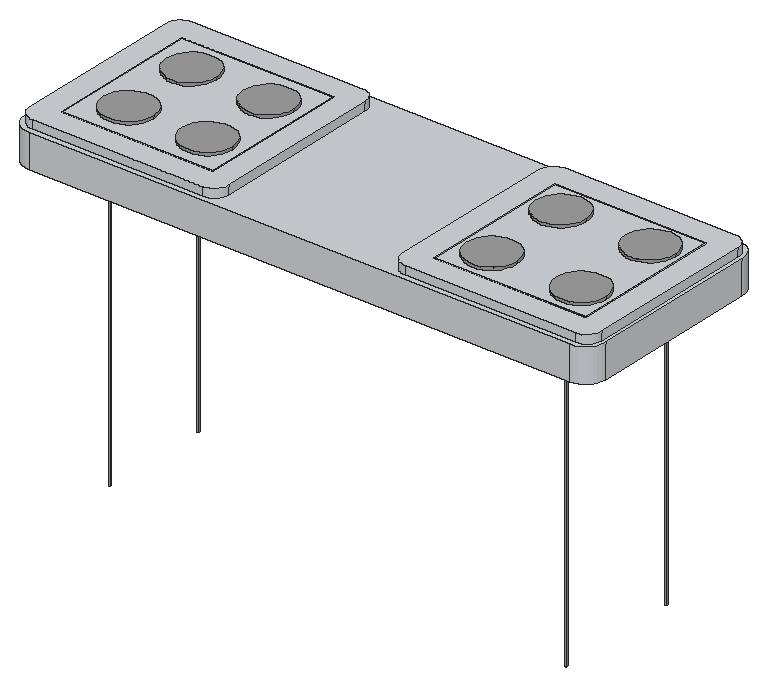
Revit family "Lighting-Industriale-GEWISS-SMART[4]HE_APPARECCHI-LED_2M", category Apparecchi per illuminazione, Revit 2019
Family settings
  Quota connettore circolare = Usa diametro
  Tipo di parte = Normale
  Numero OmniClass = 23.80.70.00
  Titolo OmniClass = Lighting
  Basato su piano di lavoro = Sì
  Sempre verticale = No
  Taglio con vuoti quando caricato = No
  Sorgente d'illuminazione = No
  Condiviso = No
  Punto di calcolo locali = No
Parameters (values of type "GWS4222AQ857 - SMART4HB 2M C.PAS.ON/OFF ELL.57K")
  Voltaggio = 230 V
  Viti esterne = "Acciaio inox"
  Versione file RFA = "20.11"
  Vano di alimentazione = "Integrato"
  URL = "https://www.gewiss.com/it/it"
  Tolleranza cromatica = "SDCM = 3"
  Tipologia sorgente luminosa = "LED - Non sostituibile"
  Tipo di installazione e montaggio = "Plafone - Parete - Sospensione"
  Tipo di apparecchio = "Riflettore industriale a LED&nbsp;"
  Tensione di alimentazione = "220 - 240 V"
  Temperatura di stoccaggio = "-40 +70 °C"
  Temperatura di esercizio = "-30°C ÷ +50 °C"
  Temperatura di colore = "5700K"
  Superficie massima esposta al vento : = "0,184 m²"
  Spostamento_y_etichetta [instance] = 0 mm
  Spostamento_y_effettivo_etichetta [instance] = 1500 mm - Spostamento_y_etichetta  # 1500 mm
  Spostamento_x_etichetta [instance] = 0 mm
  Spostamento_X_effettivo_etichetta [instance] = 1500 mm - Spostamento_x_etichetta  # 1500 mm
  SostituibilitÃ  piastra di cablaggio = "Non sostituibile"
  SostituibilitÃ  gruppo ottico = "Non sostituibile"
  Sistema di controllo : = "ON / OFF"
  Sistema di controllo = "ON / OFF"
  Schermo = "Vetro Temprato Spessore 4mm"
  Scheda Tecnica = "https://www.gewiss.com/it/it/search?q=GWS4222AQ857"
  SEO = "High bay"
  Resistenza al filo incandescente = "850 °C"
  Resistenza agli urti = "IK08"
  Produttore = "GEWISS S.p.A."
  Potenza di sistema = "95W"
  Peso (kg): = "6,5"
  Ottica = "Ellittica"
  Offset etichetta W [instance] = 150 mm
  Norma di riferimento = "EN 60598-1 ; EN 60598-2-1 ; EN 60598-2-24"
  Modello = "GWS4222AQ857"
  Materiali = "-"
  Lumen output (lm) = "12300"
  Lampada = "LED"
  Installazione e manutenzione = "-"
  Informazioni generali = "-"
  Indice di resa cromatica = "CRI-80"
  Inclinazione = "Con accessorio staffa"
  Immagine tipo = GWL1311.jpg
  IPEA = "-"
  IFC.TypeObject = ""
  IFC.ExportType = ""
  IFC.ExportAs = ""
  IDT = "170d63836ef34e7a91627e9879a3eea4"
  IDF = "fd6a7348-9c72-479e-b250-f075bd14036a"
  Guarnizioni = "tipo siliconico antinvecchiamento "
  Gruppo ottico = "Riflettore in PC metallizzato e lenti in PMMA"
  Grado di protezione = "IP66"
  Garanzia = "5 anni"
  Gancio di chiusura = "-"
  Frequenza nominale (Hz) = "50/60 Hz"
  Fissaggio = "-"
  Finitura colore = "Grigio RAL 7035"
  Etichetta wattaggio [instance] = yes
  Trasformatore = none
  Struttura plafoniera = none
  Spessore plafoniera = 40 mm  # constant formula
  Default Elevation = 1219.2 mm  # constant formula
  Proiettsmart2_simb [instance] = yes
  Plafoniera bidimensionale [instance] = not(Proiettsmart2_simb)  # no
  Efficienza luminosa (lm/W) = "129"
  Durata di vita = "L90B10 (Tq+25°C) = 70.000 h - L90B10 (Tq+50°C) = 35.000 h"
  Dispositivo di protezione = "DM 6kV / CM 6kV"
  Descrizione = "SMART[4]HB 2M C.PAS.ON/OFF ELL.57K"
  Creato da GEWISS S.p.A. = ""
  Corpo = "PA6 “Halogen Free” caricato fibra vetro"
  Controllo abbagliamento e luminanza = "-"
  Contesto = "Illuminazione di industrie e impianti sportivi"
  Commenti sul wattaggio = "97W"
  Colore = "Grigio RAL 7035"
  Codice digitale univoco (Datamatrix) = "Datamatrix"
  Codice Electrocod = "2444"
  Classificazione: = "-"
  Classificazione = Lighting
  Classe isolamento = "I"
  Classe fotobiologica = "RG0"
  Certificazioni e classificazioni = "-"
  Certificazione DIN 18032-3 = "Con Staffa - Kit Funi + morsetto (in approvazione)"
  Catalogo = "LIGHTING"
  Carico apparente = 97 VA
  Motore = none
  Mascherina = none
  Lunghezza = 699 mm  # constant formula
  Larghezza = 254 mm  # constant formula
  Distanza_tot_plafoniera [instance] = 350 mm
  Dist_sorg_lum = 10 mm  # constant formula
  Caratteristiche ottiche e illuminotecniche = "-"
  Caratteristiche elettriche e gestione della luce = "-"
  Cablaggio = "Con connettore stagno Gw connect"
  COBie.Tagnumber = ""
  COBie.CreatedOn = ""
  COBie.CreatebBy = ""
  COBie.ComponentRegisterItemID = ""
  COBie.Component.TagNumber = ""
  COBie.Component.Space = ""
  COBie.Component.SerialNumber = ""
  COBie.Component.InstallationDate = ""
  COBie.Component.Description = ""
  COBie.Component.BarCode = ""
  Applicazione = "Interno"
  Apparecchio a ridotta temperatura superficiale = "Si"
  Alimentatore = "Incluso"
Types (36, lengths in mm): name | Temperatura di colore | Scheda Tecnica | SEO | Ottica | Modello | Lumen output (lm) | IDT | Gruppo ottico | Efficienza luminosa (lm/W) | Descrizione | Controllo abbagliamento e luminanza
  GWS4220AA830 - SMART4HB 2M ST.AL.ON/OFF ARR.30K | "3000K" | "https://www.gewiss.com/it/it/search?q=GWS4220AA830" | "" | "Array" | "GWS4220AA830" | "13200" | "909c959e5ee34a73978c0658d7b8fa9c" | "Riflettore in PC metallizzato" | "139" | "SMART[4]HB 2M ST.AL.ON/OFF ARR.30K" | "UGR - 25"
  GWS4220AA840 - SMART4HB 2M ST.AL.ON/OFF ARR.40K | "4000K" | "https://www.gewiss.com/it/it/search?q=GWS4220AA840" | "" | "Array" | "GWS4220AA840" | "13800" | "b99ce93c283945be962379751cfa1cd1" | "Riflettore in PC metallizzato" | "145" | "SMART[4]HB 2M ST.AL.ON/OFF ARR.40K" | "UGR - 25"
  GWS4220AA857 - SMART4HB 2M ST.AL.ON/OFF ARR.57K | "5700K" | "https://www.gewiss.com/it/it/search?q=GWS4220AA857" | "" | "Array" | "GWS4220AA857" | "13800" | "08ddeba14dd34ec48ad19a404a8ed049" | "Riflettore in PC metallizzato" | "145" | "SMART[4]HB 2M ST.AL.ON/OFF ARR.57K" | "UGR - 25"
  GWS4220AC830 - SMART4HB 2M ST.AL.ON/OFF ASI.30K | "3000K" | "https://www.gewiss.com/it/it/search?q=GWS4220AC830" | "High bay" | "Asimmetrica" | "GWS4220AC830" | "11900" | "9edc84edb8734934976729f48eb90ee1" | "Riflettore in PC metallizzato e lenti in PMMA" | "125" | "SMART[4]HB 2M ST.AL.ON/OFF ASI.30K" | "-"
  GWS4220AC840 - SMART4HB 2M ST.AL.ON/OFF ASI.40K | "4000K" | "https://www.gewiss.com/it/it/search?q=GWS4220AC840" | "High bay" | "Asimmetrica" | "GWS4220AC840" | "12500" | "49df5d2af8f74bfa8041ae6a49bf4586" | "Riflettore in PC metallizzato e lenti in PMMA" | "132" | "SMART[4]HB 2M ST.AL.ON/OFF ASI.40K" | "-"
  GWS4220AC857 - SMART4HB 2M ST.AL.ON/OFF ASI.57K | "5700K" | "https://www.gewiss.com/it/it/search?q=GWS4220AC857" | "High bay" | "Asimmetrica" | "GWS4220AC857" | "12500" | "5d1b038a90c04fb8be3fd75fe1d3e819" | "Riflettore in PC metallizzato e lenti in PMMA" | "132" | "SMART[4]HB 2M ST.AL.ON/OFF ASI.57K" | "-"
  GWS4220AF830 - SMART4HB 2M ST.AL.ON/OFF 30° 30K | "3000K" | "https://www.gewiss.com/it/it/search?q=GWS4220AF830" | "" | "30°" | "GWS4220AF830" | "13000" | "61dd8d8d51a44a23bf07bd61f60f6f3f" | "Riflettore in PC metallizzato e lenti in PMMA" | "137" | "SMART[4]HB 2M ST.AL.ON/OFF 30° 30K" | "UGR - 19"
  GWS4220AF840 - SMART4HB 2M ST.AL.ON/OFF 30° 40K | "4000K" | "https://www.gewiss.com/it/it/search?q=GWS4220AF840" | "" | "30°" | "GWS4220AF840" | "13700" | "e9b235211b2a41639c4368d8299004d1" | "Riflettore in PC metallizzato e lenti in PMMA" | "144" | "SMART[4]HB 2M ST.AL.ON/OFF 30° 40K" | "UGR - 19"
  GWS4220AF857 - SMART4HB 2M ST.AL.ON/OFF 30° 57K | "5700K" | "https://www.gewiss.com/it/it/search?q=GWS4220AF857" | "" | "30°" | "GWS4220AF857" | "13700" | "d6b035de54d04cc6bc369c6633f0c560" | "Riflettore in PC metallizzato e lenti in PMMA" | "144" | "SMART[4]HB 2M ST.AL.ON/OFF 30° 57K" | "UGR - 19"
  GWS4220AH830 - SMART4HB 2M ST.AL.ON/OFF 60° 30K | "3000K" | "https://www.gewiss.com/it/it/search?q=GWS4220AH830" | "" | "60°" | "GWS4220AH830" | "13100" | "72bb100377654f379b6f7bb8f2496c3c" | "Riflettore in PC metallizzato e lenti in PMMA" | "138" | "SMART[4]HB 2M ST.AL.ON/OFF 60° 30K" | "UGR - 22"
  GWS4220AH840 - SMART4HB 2M ST.AL.ON/OFF 60° 40K | "4000K" | "https://www.gewiss.com/it/it/search?q=GWS4220AH840" | "" | "60°" | "GWS4220AH840" | "13800" | "f6ef5c6a63aa43fb94216a32b4a2e7ab" | "Riflettore in PC metallizzato e lenti in PMMA" | "145" | "SMART[4]HB 2M ST.AL.ON/OFF 60° 40K" | "UGR - 22"
  GWS4220AH857 - SMART4HB 2M ST.AL.ON/OFF 60° 57K | "5700K" | "https://www.gewiss.com/it/it/search?q=GWS4220AH857" | "" | "60°" | "GWS4220AH857" | "13800" | "a44a6359c5864d4aab309d526372c432" | "Riflettore in PC metallizzato e lenti in PMMA" | "145" | "SMART[4]HB 2M ST.AL.ON/OFF 60° 57K" | "UGR - 22"
  GWS4220AP830 - SMART4HB 2M ST.AL.ON/OFF 90° 30K | "3000K" | "https://www.gewiss.com/it/it/search?q=GWS4220AP830" | "" | "90°" | "GWS4220AP830" | "13300" | "bf464ac9d52c432c8c17e7c51990d2bc" | "Riflettore in PC metallizzato e lenti in PMMA" | "140" | "SMART[4]HB 2M ST.AL.ON/OFF 90° 30K" | "UGR - 22"
  GWS4220AP840 - SMART4HB 2M ST.AL.ON/OFF 90° 40K | "4000K" | "https://www.gewiss.com/it/it/search?q=GWS4220AP840" | "" | "90°" | "GWS4220AP840" | "13900" | "7da40a1d5a0e4d62b1d5f445b9c24c66" | "Riflettore in PC metallizzato e lenti in PMMA" | "146" | "SMART[4]HB 2M ST.AL.ON/OFF 90° 40K" | "UGR - 22"
  GWS4220AP857 - SMART4HB 2M ST.AL.ON/OFF 90° 57K | "5700K" | "https://www.gewiss.com/it/it/search?q=GWS4220AP857" | "" | "90°" | "GWS4220AP857" | "13900" | "511523e1daf94dafa8707c36f5c464d6" | "Riflettore in PC metallizzato e lenti in PMMA" | "146" | "SMART[4]HB 2M ST.AL.ON/OFF 90° 57K" | "UGR - 22"
  GWS4220AQ830 - SMART4HB 2M ST.AL.ON/OFF ELL.30K | "3000K" | "https://www.gewiss.com/it/it/search?q=GWS4220AQ830" | "High bay" | "Ellittica" | "GWS4220AQ830" | "11800" | "ea8d3067ed29483faacf5af79551e40d" | "Riflettore in PC metallizzato e lenti in PMMA" | "124" | "SMART[4]HB 2M ST.AL.ON/OFF ELL.30K" | "-"
  GWS4220AQ840 - SMART4HB 2M ST.AL.ON/OFF ELL.40K | "4000K" | "https://www.gewiss.com/it/it/search?q=GWS4220AQ840" | "High bay" | "Ellittica" | "GWS4220AQ840" | "12300" | "bd120dbcde1c4e74b3a04504042c3475" | "Riflettore in PC metallizzato e lenti in PMMA" | "129" | "SMART[4]HB 2M ST.AL.ON/OFF ELL.40K" | "-"
  GWS4220AQ857 - SMART4HB 2M ST.AL.ON/OFF ELL.57K | "5700K" | "https://www.gewiss.com/it/it/search?q=GWS4220AQ857" | "High bay" | "Ellittica" | "GWS4220AQ857" | "12300" | "a808295e549f408f926acf69054d720b" | "Riflettore in PC metallizzato e lenti in PMMA" | "129" | "SMART[4]HB 2M ST.AL.ON/OFF ELL.57K" | "-"
  GWS4222AA830 - SMART4HB 2M C.PAS.ON/OFF ARR.30K | "3000K" | "https://www.gewiss.com/it/it/search?q=GWS4222AA830" | "" | "Array" | "GWS4222AA830" | "13200" | "359a792dbd5b45d7ba18c6bf2c13c344" | "Riflettore in PC metallizzato" | "139" | "SMART[4]HB 2M C.PAS.ON/OFF ARR.30K" | "UGR - 25"
  GWS4222AA840 - SMART4HB 2M C.PAS.ON/OFF ARR.40K | "4000K" | "https://www.gewiss.com/it/it/search?q=GWS4222AA840" | "" | "Array" | "GWS4222AA840" | "13800" | "2fc819afbbc34a4cb8c524df72af2b8f" | "Riflettore in PC metallizzato" | "145" | "SMART[4]HB 2M C.PAS.ON/OFF ARR.40K" | "UGR - 25"
  GWS4222AA857 - SMART4HB 2M C.PAS.ON/OFF ARR.57K | "5700K" | "https://www.gewiss.com/it/it/search?q=GWS4222AA857" | "" | "Array" | "GWS4222AA857" | "13800" | "f54190638bd54d368d78a9d7c842a842" | "Riflettore in PC metallizzato" | "145" | "SMART[4]HB 2M C.PAS.ON/OFF ARR.57K" | "UGR - 25"
  GWS4222AC830 - SMART4HB 2M C.PAS.ON/OFF ASI.30K | "3000K" | "https://www.gewiss.com/it/it/search?q=GWS4222AC830" | "High bay" | "Asimmetrica" | "GWS4222AC830" | "11900" | "b1d4816a583b47818f17c6cd7c29128d" | "Riflettore in PC metallizzato e lenti in PMMA" | "125" | "SMART[4]HB 2M C.PAS.ON/OFF ASI.30K" | "-"
  GWS4222AC840 - SMART4HB 2M C.PAS.ON/OFF ASI.40K | "4000K" | "https://www.gewiss.com/it/it/search?q=GWS4222AC840" | "High bay" | "Asimmetrica" | "GWS4222AC840" | "12500" | "76bc2f22f9304d0dbfb88daeb3179059" | "Riflettore in PC metallizzato e lenti in PMMA" | "132" | "SMART[4]HB 2M C.PAS.ON/OFF ASI.40K" | "-"
  GWS4222AC857 - SMART4HB 2M C.PAS.ON/OFF ASI.57K | "5700K" | "https://www.gewiss.com/it/it/search?q=GWS4222AC857" | "High bay" | "Asimmetrica" | "GWS4222AC857" | "12500" | "3c358a4a499d40c888be050dee7cc99f" | "Riflettore in PC metallizzato e lenti in PMMA" | "132" | "SMART[4]HB 2M C.PAS.ON/OFF ASI.57K" | "-"
  GWS4222AF830 - SMART4HB 2M C.PAS.ON/OFF 30° 30K | "3000K" | "https://www.gewiss.com/it/it/search?q=GWS4222AF830" | "" | "30°" | "GWS4222AF830" | "13000" | "1555e6eea73c4150abf4e341428ca2ca" | "Riflettore in PC metallizzato e lenti in PMMA" | "137" | "SMART[4]HB 2M C.PAS.ON/OFF 30° 30K" | "UGR - 19"
  GWS4222AF840 - SMART4HB 2M C.PAS.ON/OFF 30° 40K | "4000K" | "https://www.gewiss.com/it/it/search?q=GWS4222AF840" | "" | "30°" | "GWS4222AF840" | "13700" | "20590757439245ecbabbf703c9eff47f" | "Riflettore in PC metallizzato e lenti in PMMA" | "144" | "SMART[4]HB 2M C.PAS.ON/OFF 30° 40K" | "UGR - 19"
  GWS4222AF857 - SMART4HB 2M C.PAS.ON/OFF 30° 57K | "5700K" | "https://www.gewiss.com/it/it/search?q=GWS4222AF857" | "" | "30°" | "GWS4222AF857" | "13700" | "ab33e09400384dd9be81c4301277268b" | "Riflettore in PC metallizzato e lenti in PMMA" | "144" | "SMART[4]HB 2M C.PAS.ON/OFF 30° 57K" | "UGR - 19"
  GWS4222AH830 - SMART4HB 2M C.PAS.ON/OFF 60° 30K | "3000K" | "https://www.gewiss.com/it/it/search?q=GWS4222AH830" | "" | "60°" | "GWS4222AH830" | "13100" | "4eb8e6aae6034619a1e25233dc603211" | "Riflettore in PC metallizzato e lenti in PMMA" | "138" | "SMART[4]HB 2M C.PAS.ON/OFF 60° 30K" | "UGR - 22"
  GWS4222AH840 - SMART4HB 2M C.PAS.ON/OFF 60° 40K | "4000K" | "https://www.gewiss.com/it/it/search?q=GWS4222AH840" | "" | "60°" | "GWS4222AH840" | "13800" | "2c3a4b5ec68d4597b8961eb2d97d7b19" | "Riflettore in PC metallizzato e lenti in PMMA" | "145" | "SMART[4]HB 2M C.PAS.ON/OFF 60° 40K" | "UGR - 22"
  GWS4222AH857 - SMART4HB 2M C.PAS.ON/OFF 60° 57K | "5700K" | "https://www.gewiss.com/it/it/search?q=GWS4222AH857" | "" | "60°" | "GWS4222AH857" | "13800" | "045e0f5b930b4ace98da397f64e1c898" | "Riflettore in PC metallizzato e lenti in PMMA" | "145" | "SMART[4]HB 2M C.PAS.ON/OFF 60° 57K" | "UGR - 22"
  GWS4222AP830 - SMART4HB 2M C.PAS.ON/OFF 90° 30K | "3000K" | "https://www.gewiss.com/it/it/search?q=GWS4222AP830" | "" | "90°" | "GWS4222AP830" | "13300" | "81da5dfd97944c6ca9dc3b25654faba8" | "Riflettore in PC metallizzato e lenti in PMMA" | "140" | "SMART[4]HB 2M C.PAS.ON/OFF 90° 30K" | "UGR - 22"
  GWS4222AP840 - SMART4HB 2M C.PAS.ON/OFF 90° 40K | "4000K" | "https://www.gewiss.com/it/it/search?q=GWS4222AP840" | "" | "90°" | "GWS4222AP840" | "13900" | "455c8060d0f548a494842fd8a49aed83" | "Riflettore in PC metallizzato e lenti in PMMA" | "146" | "SMART[4]HB 2M C.PAS.ON/OFF 90° 40K" | "UGR - 22"
  GWS4222AP857 - SMART4HB 2M C.PAS.ON/OFF 90° 57K | "5700K" | "https://www.gewiss.com/it/it/search?q=GWS4222AP857" | "" | "90°" | "GWS4222AP857" | "13900" | "8da277c3e75a4062988af1604c61139a" | "Riflettore in PC metallizzato e lenti in PMMA" | "146" | "SMART[4]HB 2M C.PAS.ON/OFF 90° 57K" | "UGR - 22"
  GWS4222AQ830 - SMART4HB 2M C.PAS.ON/OFF ELL.30K | "3000K" | "https://www.gewiss.com/it/it/search?q=GWS4222AQ830" | "High bay" | "Ellittica" | "GWS4222AQ830" | "11800" | "0634d9e16b164f39ae53b49306325cad" | "Riflettore in PC metallizzato e lenti in PMMA" | "124" | "SMART[4]HB 2M C.PAS.ON/OFF ELL.30K" | "-"
  GWS4222AQ840 - SMART4HB 2M C.PAS.ON/OFF ELL.40K | "4000K" | "https://www.gewiss.com/it/it/search?q=GWS4222AQ840" | "High bay" | "Ellittica" | "GWS4222AQ840" | "12300" | "0cf7837ea6a444e190b0871f37445039" | "Riflettore in PC metallizzato e lenti in PMMA" | "129" | "SMART[4]HB 2M C.PAS.ON/OFF ELL.40K" | "-"
  GWS4222AQ857 - SMART4HB 2M C.PAS.ON/OFF ELL.57K | "5700K" | "https://www.gewiss.com/it/it/search?q=GWS4222AQ857" | "High bay" | "Ellittica" | "GWS4222AQ857" | "12300" | "170d63836ef34e7a91627e9879a3eea4" | "Riflettore in PC metallizzato e lenti in PMMA" | "129" | "SMART[4]HB 2M C.PAS.ON/OFF ELL.57K" | "-"
Reference planes
  plane 1 "Asse sorgente illuminazione (F/B)": y = 0
  plane 2: z = 0
  plane 3 "Asse sorgente illuminazione (L/R)": x = 0
  plane 4 "Prospetto sorgente di illuminazione": z = 1500
  plane 5: x = -349.5
  plane 6: y = 127
  plane 7: x = 349.5
  plane 8: y = -127
  plane 9: x = 344.5
  plane 10: x = -344.5
  plane 11: x = -104.5
  plane 12: x = 104.5
  plane 13: y = -1500
  plane 14: z = 390
  plane 15: z = 390
  plane 16: z = 400
  plane 17: z = 350
  plane 18: y = 0
  plane 19: x = -1500
  plane 20: x = 0
Dimensions and locks
  equal spacing: plane 6, plane 1 "Asse sorgente illuminazione (F/B)", plane 8
  "Larghezza": plane 6 to plane 8
  equal spacing: plane 5, plane 3 "Asse sorgente illuminazione (L/R)", plane 7
  "Lunghezza": plane 5 to plane 7
  locked: plane 5 to plane 10 at 5
  locked: plane 9 to plane 7 at 5
  locked: plane 16 to plane 14 at 10
  locked: plane 15 to plane 17 at 40
  "Distanza_tot_plafoniera": plane 17 to plane 2
  plane 1 "Asse sorgente illuminazione (F/B)" to plane 13 = 1500 mm
  "Spostamento_y_effettivo_etichetta": plane 18 to plane 13
  plane 19 to plane 3 "Asse sorgente illuminazione (L/R)" = 1500 mm
  "Spostamento_X_effettivo_etichetta": plane 19 to plane 20
  aligned and locked: level to plane 2
  aligned and locked: nested 15 to plane 14
  aligned and locked: plane 14 to nested 16
  aligned and locked: plane 16 to nested 8
  aligned and locked: nested 6 to plane 16
  aligned and locked: plane 16 to nested 7
  aligned and locked: nested 5 to plane 16
  aligned and locked: nested 3 to plane 16
  aligned and locked: plane 16 to nested 1
  aligned and locked: nested 4 to plane 16
  aligned and locked: plane 16 to nested 2
  aligned and locked: nested 11 to plane 2  (x2)
  aligned and locked: nested 10 to plane 2
  aligned and locked: nested 9 to plane 2
  aligned and locked: plane 14 to plane 15
  aligned and locked: plane 17 to nested 14
  aligned and locked: nested 17 to plane 18
  aligned and locked: nested 17 to plane 20
  aligned and locked: plane 2 to nested 18
  aligned and locked: plane 2 to nested 11
Nested families
  nested 1: "Gewis - Led" at (171.717, 52, 403), type "Gewis - Led", detail levels medium+fine
  nested 2: "Gewis - Led" at (279.5, 52, 403), type "Gewis - Led", detail levels medium+fine
  nested 3: "Gewis - Led" at (171.717, -52, 403), type "Gewis - Led", detail levels medium+fine
  nested 4: "Gewis - Led" at (279.5, -52, 403), type "Gewis - Led", detail levels medium+fine
  nested 5: "Gewis - Led" at (-174.5, 45, 403) x (-1, 0, 0) z (0, 0, 1), type "Gewis - Led", detail levels medium+fine
  nested 6: "Gewis - Led" at (-269.5, 47.625, 403) x (-1, 0, 0) z (0, 0, 1), type "Gewis - Led", detail levels medium+fine
  nested 7: "Gewis - Led" at (-174.5, -47.089, 403) x (-1, 0, 0) z (0, 0, 1), type "Gewis - Led", detail levels medium+fine
  nested 8: "Gewis - Led" at (-269.5, -47.089, 403) x (-1, 0, 0) z (0, 0, 1), type "Gewis - Led", detail levels medium+fine
  nested 9: "Sospensione_ SMART LAB 4" at (274.838, 81.5, 0), Altezza sospensione <- "Distanza_tot_plafoniera", type "Sospensione_ SMART LAB 4"
    with Altezza sospensione 350 mm, Default Elevation 350 mm
  nested 10: "Sospensione_ SMART LAB 4" at (274.838, -69, 0), Altezza sospensione <- "Distanza_tot_plafoniera", type "Sospensione_ SMART LAB 4"
    with Altezza sospensione 350 mm, Default Elevation 350 mm
  nested 11: "Sospensione_ SMART LAB 4" at (-276.662, -66.5, 0), Altezza sospensione <- "Distanza_tot_plafoniera", type "Sospensione_ SMART LAB 4"
    with Altezza sospensione 350 mm, Default Elevation 350 mm
  nested 12: "PROIETTSMART - 2" at (0, 0, 0), visible <- "Proiettsmart2_simb", type "PROIETTSMART - 2"
  nested 13: "Rappr_ bidimensionale_SMART (4)  4 + 4 L " at (0, 0, 0), visible <- "Plafoniera bidimensionale", type "SMART (4)  4 + 4 L_bidimensionale "
  nested 14: "Struttura_SMART 4" at (0, 0, 390), type "SMART 4 HB - 4+4L"
  nested 15: "mascherina_SMART (4)" at (-224.5, 0, 400) x (-1, 0, 0) z (0, 0, 1), type "Maschera_smart (4) 4L", detail levels fine
  nested 16: "mascherina_SMART (4)" at (224.5, 0, 400), type "Maschera_smart (4) 4L", detail levels fine
  nested 17: "ETICHETTA LIGHT" at (0, 0, 0), type "ETICHETTA LIGHT"
  nested 18: "Sospensione_ SMART LAB 4" at (-276.662, 66.5, 0), Altezza sospensione <- "Distanza_tot_plafoniera", type "Sospensione_ SMART LAB 4"
    with Altezza sospensione 350 mm, Default Elevation 350 mm
Connectors
  electrical at (0.009, -0.098, 350), driven by "Carico apparente"
    settings: on nested 14, index 1, voltage 230 V, apparent load 0 VA, apparent load phase1 97 VA, apparent load phase2 0 VA, apparent load phase3 0 VA, power factor 1, load classification "Lighting", number of poles 2, system type 31, power factor state 1, is connector primary yes, connector utility no, sub classification motor no, connector description ""
Definition of nested family "Gewis - Led"
  Parameters (values of type "Gewis - Led")
    Vetro = none
    Raggio led = 30 mm
    Default Elevation = 1219.2 mm
    Estensione vetro = 3 mm
  Reference planes
    plane 1 "Centro (Fronte/Retro)": y = 0
    plane 2: z = 0
    plane 3 "Centro (Sinistra/Destra)": x = 0
  Forms (mm)
    Extrusion 1, solid, material <- "Vetro"
      sketch origin (0, 0, 0) x (1, 0, 0) y (0, 1, 0)
        loop
          circle (0, 0) r 30
      from -3 to 0
  Dimensions and locks
    "Estensione vetro": level to Extrusion 1
    "Raggio led": radius of Extrusion 1 sketch curve
    aligned and locked: level to plane 2
    aligned and locked: level to Extrusion 1
  Automatic sketch dimensions
    plane 1 "Centro (Fronte/Retro)" to Extrusion 1 sketch curve = 0 mm
    Extrusion 1 sketch curve to plane 3 "Centro (Sinistra/Destra)" = 0 mm
Definition of nested family "Sospensione_ SMART LAB 4"
  Parameters (values of type "Sospensione_ SMART LAB 4")
    Default Elevation = 400 mm
    Altezza sospensione [instance] = 500 mm
  Reference planes
    plane 1 "Center (Front/Back)": y = 0
    plane 2: z = 0
    plane 3 "Center (Left/Right)": x = 0
    plane 4: z = 500
    plane 5: z = 30.7
  Forms (mm)
    Extrusion 1, solid
      sketch origin (0, 0, 0) x (1, 0, 0) y (0, 1, 0)
        loop
          circle (0, -0.028) r 1.25
      from 0 to 500
  Lines and regions (mm)
    model lines, not visible
      curve 1: line (0, 0, 0) -> (0, 0, 9.482)
  Dimensions and locks
    "Altezza sospensione": plane 4 to level
    plane 2 to plane 4 = 500 mm
    aligned and locked: level to plane 2
    aligned and locked: Extrusion 1 to plane 2
    aligned and locked: plane 4 to Extrusion 1
  Automatic sketch dimensions
    Extrusion 1 sketch curve to plane 3 "Center (Left/Right)" = 0 mm
    plane 1 "Center (Front/Back)" to Extrusion 1 sketch curve = 0.028 mm
    curve 1 to plane 3 "Center (Left/Right)" = 0 mm
    curve 1 to level = 0 mm
    curve 1 to curve 1 = 9.482 mm
    radius of Extrusion 1 sketch curve = 1.25 mm
Definition of nested family "Struttura_SMART 4"
  Parameters (values of type "SMART 4 HB - 4+4L")
    Struttura plafoniera = none
    Spessore_plafoniera = 40 mm
    Lunghezza = 699 mm
    Larghezza = 254 mm
  Types (2, lengths in mm): name | Lunghezza | Larghezza
    SMART Lab (4) 4L | 383 | 253
    SMART 4 HB - 4+4L | 699 | 254
  Reference planes
    plane 1 "Asse sorgente illuminazione (F/B)": y = 0
    plane 2: z = 0
    plane 3 "Asse sorgente illuminazione (L/R)": x = 0
    plane 4 "Prospetto sorgente di illuminazione": z = -40
    plane 5 "SX": x = -349.5
    plane 6 "DX": x = 349.5
    plane 7 "DIETRO": y = 127
    plane 8 "AVANTI": y = -127
    plane 9: x = 106.5
    plane 10: x = 338.5
    plane 11: y = -116
    plane 12: y = 116
    plane 13: x = -338.5
    plane 14: x = -106.5
  Forms (mm)
    Extrusion 1, solid, material <- "Struttura plafoniera"
      sketch origin (0, 0, 0) x (1, 0, 0) y (0, 1, 0)
        loop
          line (349.5, -102.595) -> (349.5, 102.59)
          arc (349.5, 102.59) -> (342.35, 119.85) -> (325.09, 127) r 24.41
          line (325.09, 127) -> (-325.009, 127)
          arc (-325.009, 127) -> (-342.554, 119.6) -> (-349.5, 101.871) r 24.499
          line (-349.5, 101.871) -> (-349.5, -102.592)
          arc (-349.5, -102.592) -> (-342.351, -119.851) -> (-325.092, -127) r 24.408
          line (-325.092, -127) -> (325.117, -127)
          arc (325.117, -127) -> (342.334, -119.868) -> (349.465, -102.652) r 24.348
      from -40 to 0
  Dimensions and locks
    equal spacing: plane 5 "SX", plane 3 "Asse sorgente illuminazione (L/R)", plane 6 "DX"
    equal spacing: plane 7 "DIETRO", plane 1 "Asse sorgente illuminazione (F/B)", plane 8 "AVANTI"
    "Lunghezza": plane 5 "SX" to plane 6 "DX"
    "Larghezza": plane 7 "DIETRO" to plane 8 "AVANTI"
    locked: plane 7 "DIETRO" to plane 12 at 11
    locked: plane 11 to plane 8 "AVANTI" at 11
    locked: plane 10 to plane 6 "DX" at 11
    locked: plane 9 to plane 10 at 232
    plane 13 to plane 14 = 232 mm
    locked: plane 5 "SX" to plane 13 at 11
    "Spessore_plafoniera": plane 2 to plane 4 "Prospetto sorgente di illuminazione"
    aligned and locked: level to plane 2
    aligned and locked: Extrusion 1 to plane 5 "SX"
    aligned and locked: Extrusion 1 to plane 8 "AVANTI"  (x2)
    aligned and locked: plane 7 "DIETRO" to Extrusion 1
    aligned and locked: plane 6 "DX" to Extrusion 1
    aligned and locked: plane 4 "Prospetto sorgente di illuminazione" to Extrusion 1
    aligned and locked: plane 2 to Extrusion 1
  Automatic sketch dimensions
    Extrusion 1 sketch curve to plane 5 "SX" = 0 mm
    Extrusion 1 sketch curve to plane 8 "AVANTI" = 0 mm
    Extrusion 1 sketch curve to plane 7 "DIETRO" = 0 mm
    Extrusion 1 sketch curve to plane 6 "DX" = 0 mm
    plane 13 to Extrusion 1 sketch curve = 13.408 mm
    plane 13 to Extrusion 1 sketch curve = 13.491 mm
    Extrusion 1 sketch curve to plane 10 = 13.41 mm
    Extrusion 1 sketch curve to plane 10 = 13.383 mm
    plane 11 to Extrusion 1 sketch curve = 13.348 mm
    Extrusion 1 sketch curve to plane 12 = 14.129 mm
    Extrusion 1 sketch curve to Extrusion 1 sketch curve = 0.056 mm
Definition of nested family "mascherina_SMART (4)"
  Parameters (values of type "Maschera_smart (4) 4L")
    Spessore_mascherina = 10 mm
    Default Elevation = 1219.2 mm
    N.intarsi = (Lunghezza_mascherina - (Bordo * 2)) / 15 mm  # 12
    N._intarsi verticale = (Larghezza_mascherina - (Bordo * 2)) / 17 mm  # 11
    Mascherina = none
    Lunghezza_mascherina = 240 mm
    Larghezza_mascherina = 240 mm
    Distanza_intarsi v. = 41 mm  # constant formula
    Distanza_intarsi = 37 mm  # constant formula
    Bordo = 29 mm
  Reference planes
    plane 1 "Centro (Fronte/Retro)": y = 0
    plane 2: z = 0
    plane 3 "Centro (Sinistra/Destra)": x = 0
    plane 4: x = -120
    plane 5 "Dietro": y = 120
    plane 6: x = 120
    plane 7: y = -120
    plane 8: x = -91
    plane 9: y = -91
    plane 10: x = 91
    plane 11: y = 91
    plane 12: x = -83
    plane 13: y = 94.742
    plane 14: y = -95
    plane 15: z = -10
    plane 16: x = -95
    plane 17: y = 79
    plane 18: y = -79
    plane 19: x = 95
    plane 20: z = -4.799
  Forms (mm)
    Extrusion 1, solid, material <- "Mascherina"
      sketch origin (0, 0, 0) x (1, 0, 0) y (0, 1, 0)
        loop
          arc (-102.5, 120) -> (-114.874, 114.874) -> (-120, 102.5) r 17.5
          line (-120, 102.5) -> (-120, -102.5)
          arc (-120, -102.5) -> (-114.874, -114.874) -> (-102.5, -120) r 17.5
          line (-102.5, -120) -> (102.5, -120)
          arc (102.5, -120) -> (114.874, -114.874) -> (120, -102.5) r 17.5
          line (120, -102.5) -> (120, 102.5)
          arc (120, 102.5) -> (114.874, 114.874) -> (102.5, 120) r 17.5
          line (102.5, 120) -> (-102.5, 120)
        loop
          line (-91, 91) -> (-91, -91) -> (91, -91) -> (91, 91) -> (-91, 91)
      from -10 to 0
    Extrusion 2, solid, material <- "Mascherina"
      sketch origin (0, 0, 0) x (1, 0, 0) y (0, 1, 0)
        loop
          line (-91, 91) -> (-91, -91) -> (91, -91) -> (91, 91) -> (-91, 91)
      from -4.799 to 0
  Dimensions and locks
    equal spacing: plane 4, plane 3 "Centro (Sinistra/Destra)", plane 6
    "Lunghezza_mascherina": plane 4 to plane 6
    equal spacing: plane 5 "Dietro", plane 1 "Centro (Fronte/Retro)", plane 7
    "Larghezza_mascherina": plane 5 "Dietro" to plane 7
    "Bordo": plane 4 to plane 8
    "Bordo": plane 9 to plane 7
    "Bordo": plane 5 "Dietro" to plane 11
    "Bordo": plane 10 to plane 6
    "Distanza_intarsi": plane 4 to plane 12
    locked: plane 13 to plane 11 at 3.742
    "Spessore_mascherina": plane 2 to plane 15
    "Distanza_intarsi v.": plane 5 "Dietro" to plane 17
    "Distanza_intarsi v.": plane 18 to plane 7
    locked: plane 9 to plane 14 at 4
    locked: plane 16 to plane 8 at 4
    locked: plane 10 to plane 19 at 4
    locked: plane 2 to plane 20 at 4.799
    radius of Extrusion 1 sketch curve = 17.5 mm  (x4)
    aligned and locked: level to plane 2
    aligned and locked: plane 4 to Extrusion 1 sketch curve
    aligned and locked: plane 6 to Extrusion 1 sketch curve
    aligned and locked: Extrusion 1 sketch curve to plane 5 "Dietro"
    aligned and locked: Extrusion 1 sketch curve to plane 7
    aligned and locked: Extrusion 1 sketch curve to plane 11
    aligned and locked: plane 8 to Extrusion 1 sketch curve
    aligned and locked: plane 9 to Extrusion 1 sketch curve
    aligned and locked: Extrusion 1 sketch curve to plane 10
    aligned and locked: plane 2 to Extrusion 1
    aligned and locked: Extrusion 1 to plane 15
    aligned and locked: Extrusion 2 sketch curve to plane 10
    aligned and locked: plane 9 to Extrusion 2 sketch curve
    aligned and locked: plane 8 to Extrusion 2 sketch curve
    aligned and locked: Extrusion 2 sketch curve to plane 11
    aligned and locked: plane 2 to Extrusion 2
    aligned and locked: Extrusion 2 to plane 20
Definition of nested family "PROIETTSMART - 2"
  Reference planes
    plane 1 "Centro (Fronte/Retro)": y = 0
    plane 2: z = 0
    plane 3 "Centro (Sinistra/Destra)": x = 0
  Lines and regions (mm)
    model lines, in view "Livello rif."
      curve 1: line (87.132, -21.515, 0) -> (43.932, -0.008, 0)
      curve 2: line (43.932, -0.008, 0) -> (87.132, 21.758, 0)
      curve 3: line (87.132, 21.758, 0) -> (87.132, -21.515, 0)
      curve 4: line (43.932, 21.629, 0) -> (43.932, -21.645, 0)
      curve 5: line (43.932, -0.008, 0) -> (18.672, -0.008, 0)
      curve 6: line (87.132, 0.122, 0) -> (105.785, 0.122, 0)
      curve 7: line (128.701, 66.747, 0) -> (128.701, -66.747, 0)
      curve 8: line (128.701, -66.747, 0) -> (-131.299, -66.747, 0)
      curve 9: line (-131.299, -66.747, 0) -> (-131.299, 66.747, 0)
      curve 10: line (-131.299, 66.747, 0) -> (128.701, 66.747, 0)
      curve 11: line (12.311, 49.667, 0) -> (111.66, 49.667, 0)
      curve 12: line (111.66, 49.667, 0) -> (111.66, -49.683, 0)
      curve 13: line (111.66, -49.683, 0) -> (12.311, -49.683, 0)
      curve 14: line (12.311, -49.683, 0) -> (12.311, 49.667, 0)
      curve 15: line (-39.438, -21.515, 0) -> (-82.637, -0.008, 0)
      curve 16: line (-82.637, -0.008, 0) -> (-39.438, 21.758, 0)
      curve 17: line (-39.438, 21.758, 0) -> (-39.438, -21.515, 0)
      curve 18: line (-82.637, 21.629, 0) -> (-82.637, -21.645, 0)
      curve 19: line (-82.637, -0.008, 0) -> (-107.898, -0.008, 0)
      curve 20: line (-39.438, 0.122, 0) -> (-20.785, 0.122, 0)
      curve 21: line (-114.259, 49.667, 0) -> (-14.909, 49.667, 0)
      curve 22: line (-14.909, 49.667, 0) -> (-14.909, -49.683, 0)
      curve 23: line (-14.909, -49.683, 0) -> (-114.259, -49.683, 0)
      curve 24: line (-114.259, -49.683, 0) -> (-114.259, 49.667, 0)
Definition of nested family "Rappr_ bidimensionale_SMART (4)  4 + 4 L "
  Reference planes
    plane 1 "Centro (Fronte/Retro)": y = 0
    plane 2: z = 0
    plane 3 "Centro (Sinistra/Destra)": x = 0
  Lines and regions (mm)
    model lines, in view "Livello rif."
      curve 1: circle (175.602, 47.039, 0) r 28.619 normal (0, 0, 1)
      curve 2: circle (269.602, -46.961, 0) r 28.619 normal (0, 0, 1)
      curve 3: circle (175.602, -46.961, 0) r 28.619 normal (0, 0, 1)
      curve 4: circle (269.602, 47.039, 0) r 28.619 normal (0, 0, 1)
      curve 5: arc (103.203, -104.051, 0) -> (107.722, -114.924, 0) -> (118.601, -119.425, 0) r 15.398
      curve 6: arc (-118.547, -119.425, 0) -> (-107.659, -114.915, 0) -> (-103.149, -104.027, 0) r 15.398
      curve 7: arc (-103.149, 103.973, 0) -> (-107.668, 114.87, 0) -> (-118.571, 119.371, 0) r 15.398
      curve 8: arc (-326.571, 119.371, 0) -> (-337.453, 114.844, 0) -> (-341.945, 103.948, 0) r 15.398
      curve 9: arc (-341.945, -104.002, 0) -> (-337.444, -114.906, 0) -> (-326.547, -119.425, 0) r 15.398
      curve 10: arc (326.601, -119.425, 0) -> (337.498, -114.906, 0) -> (342, -104.002, 0) r 15.398
      curve 11: arc (342, 103.998, 0) -> (337.472, 114.878, 0) -> (326.577, 119.371, 0) r 15.398
      curve 12: arc (118.577, 119.371, 0) -> (107.713, 114.861, 0) -> (103.203, 103.997, 0) r 15.398
      curve 13: arc (-349.401, -104, 0) -> (-342.727, -120.168, 0) -> (-326.575, -126.881, 0) r 22.854
      curve 14: arc (-326.574, 126.827, 0) -> (-342.707, 120.133, 0) -> (-349.401, 104, 0) r 22.854
      curve 15: arc (349.455, 104, 0) -> (342.742, 120.152, 0) -> (326.574, 126.827, 0) r 22.854
      curve 16: arc (326.573, -126.881, 0) -> (342.761, -120.187, 0) -> (349.455, -104, 0) r 22.854
      curve 17: circle (-175.548, -47.093, 0) r 28.619 normal (0, 0, 1)
      curve 18: circle (-269.548, 46.907, 0) r 28.619 normal (0, 0, 1)
      curve 19: circle (-175.548, 46.907, 0) r 28.619 normal (0, 0, 1)
      curve 20: circle (-269.548, -47.093, 0) r 28.619 normal (0, 0, 1)
      curve 21: line (130.101, -92.527, 0) -> (130.101, 92.473, 0)
      curve 22: line (130.101, 92.473, 0) -> (315.101, 92.473, 0)
      curve 23: line (315.101, 92.473, 0) -> (315.101, -92.527, 0)
      curve 24: line (315.101, -92.527, 0) -> (130.101, -92.527, 0)
      curve 25: line (103.203, -104.051, 0) -> (103.203, 103.997, 0)
      curve 26: line (118.601, -119.425, 0) -> (326.601, -119.425, 0)
      curve 27: line (-326.547, -119.425, 0) -> (-118.547, -119.425, 0)
      curve 28: line (-103.149, -104.027, 0) -> (-103.149, 103.973, 0)
      curve 29: line (-326.571, 119.371, 0) -> (-118.571, 119.371, 0)
      curve 30: line (-341.945, -104.002, 0) -> (-341.945, 103.948, 0)
      curve 31: line (342, -104.002, 0) -> (342, 103.998, 0)
      curve 32: line (118.577, 119.371, 0) -> (326.577, 119.371, 0)
      curve 33: line (-349.401, -104, 0) -> (-349.401, 104, 0)
      curve 34: line (326.574, 126.827, 0) -> (-326.574, 126.827, 0)
      curve 35: line (349.455, -104, 0) -> (349.455, 104, 0)
      curve 36: line (326.573, -126.881, 0) -> (-326.575, -126.881, 0)
      curve 37: line (-130.047, -92.527, 0) -> (-315.047, -92.527, 0)
      curve 38: line (-315.047, -92.527, 0) -> (-315.047, 92.473, 0)
      curve 39: line (-315.047, 92.473, 0) -> (-130.047, 92.473, 0)
      curve 40: line (-130.047, 92.473, 0) -> (-130.047, -92.527, 0)
Definition of nested family "ETICHETTA LIGHT"
  Parameters (values of type "ETICHETTA LIGHT")
    COMMENTI = "236W"
  Reference planes
    plane 1: y = 0
    plane 2: x = 0
  Text (mm)
    label "COMMENTI" at (-0.057, 0.105, 0), shows "COMMENTI"
